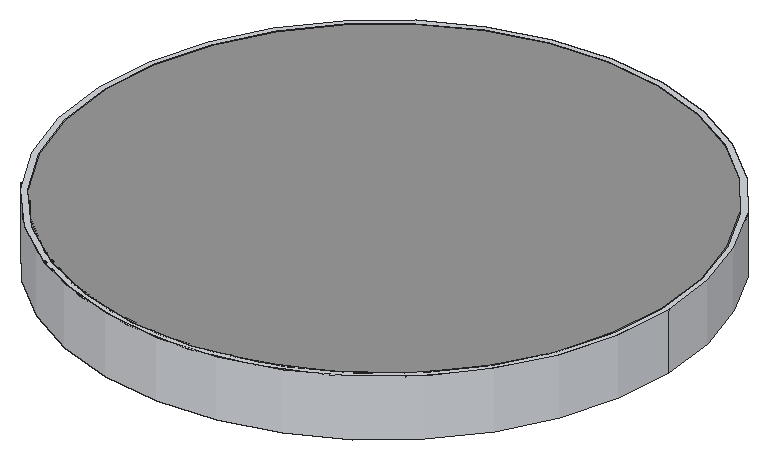
Revit family "2071188", category Lighting Fixtures, host Face, Revit 2018
Family settings
  Host = Face
  Round Connector Dimension = Use Diameter
  Part Type = Normal
  OmniClass Number = 23.80.70.00
  OmniClass Title = Lighting
  Cut with Voids When Loaded = No
  Light Source = Yes
  Shared = No
  Room Calculation Point = No
Parameters (values of type "2071188 COLOSSAL 600 940 OP DIR WHT DALI EM")
  iner diameter = 588 mm
  Weight = "n/a"
  Wattage Comments = ""
  Wattage = 30 W
  WarrantyStartDate [instance] = "n/a"
  WarrantyGuarantorParts = "n/a"
  WarrantyDurationUnit = "n/a"
  WarrantyDurationParts = ""
  WarrantyDescription = "http://www.sylvania-lighting.com"
  built-in parameter 1150110 = 1 (stored number, unit not read)
  Voltage = 230 V
  URL = "0.99"
  TypeName = "COLOSSAL 600mm 940 OPAL DIR WHITE DALI EM"
  Type Image = <None>
  Type Comments = "n/a"
  built-in parameter 1114217 = 1 (stored number, unit not read)
  Tilt Angle = -90.00°
  built-in parameter 1150109 = 1 (stored number, unit not read)
  built-in parameter 1150134 = (empty or 0)
  built-in parameter 1150113 = 1 (stored number, unit not read)
  SerialNumber [instance] = "n/a"
  Photometric Web File = "2071188.ies"
  Material_3_SYL = LED-Sylvania
  PowerFactor = 0
  PowerConsumption = "Lighting"
  NominalLength = 600 mm
  NominalHeight = 93 mm
  NominalDepth = 600 mm
  Name = "COLOSSAL 600mm 940 OPAL DIR WHITE DALI EM"
  ModelReference = Name  # "COLOSSAL 600mm 940 OPAL DIR WHITE DALI EM"
  ModelNumber = "2071188"
  Model = Name  # "COLOSSAL 600mm 940 OPAL DIR WHITE DALI EM"
  Material = "Feilo Sylvania"
  ManufacturerName = "111 lm/W"
  Manufacturer = ""
  LuminousEfficacy = ""
  built-in parameter 1150105 = 270.44 (stored number, unit not read)
  Lumens = 3398.4 lm
  LuminaireType = "0"
  built-in parameter 1150115 = 1 (stored number, unit not read)
  LightOutputRatio = "LED"
  built-in parameter 1150137 = (empty or 0)
  built-in parameter 1150139 = (empty or 0)
  LampsType = Lamp  # "n/a"
  LampNominalLuminous = "4000 K"
  LampMacAdamStep = "90"
  LampColourTemperature = "LED"
  LampColourRenderingIndex = "16500"
  built-in parameter 1150112 = 1 (stored number, unit not read)
  built-in parameter 1150114 = 1 (stored number, unit not read)
  Lamp = "n/a"
  Keynote = "n/a"
  InstallationDate [instance] = "n/a"
  InputVoltage = "0"
  InputNominalFrequency = "4000"
  built-in parameter 1150132 = (empty or 0)
  built-in parameter 1150102 = (empty or 0)
  built-in parameter 1150107 = 3000 (stored number, unit not read)
  built-in parameter 1150138 = (empty or 0)
  IngressProtection = "IfcLightFixtureType"
  ImpactProtectionIndex = "IfcLightFixtureType"
  built-in parameter 1150106 = 2.7044 (stored number, unit not read)
  IfcExportType = "IfcLightFixtureType"
  IfcExportAs = "Class I"
  Emit from Circle Diameter = 385 mm
  Emit Shape Visible in Rendering = no
  ElectricShockClassification = "111"
  built-in parameter 1150104 = 10.524 (stored number, unit not read)
  DocumentationLiterature = "http://www.sylvania-lighting.com/product/en-int/products/2071188"
  DimmingControlOptions = "n/a"
  Material_2_SYL = Polycarbonate_Sylvania_White
  Dimming Lamp Color Temperature Shift = <None>
  Description = "600mm diameter circular architectural luminaire, can be surface mounted or suspended. Powder coated aluminium housing (RAL9016) with polycarbonate opal diffuser. Direct light distribution, 4535lm luminuous flux, 41W system power, 111lm/W luminiaire efficacy. DALI dimmable. 3 hours integrated emergency. Colour rendering index Ra >90, 4000K Neutral White LED, chromaticity tolerance of 3-step MacAdam ellipse. IP40, IK03. 450mA drive current. Electrical protection Class1, 220-240V. Reported lifetime 66k hours L90B10."
  Default Elevation = 1219.2 mm
  CreatedOn = "23/03/2022"
  CreatedBy = "@sylvania-lighting.com"
  Cost = 0
  Color Filter = 16777215
  built-in parameter 1114216 [instance] = (empty or 0)
  ClassificationValue = "EF_70_80"
  ClassificationName = "Uniclass2015"
  Material_1_SYL = Polycarbonate_Sylvania_Opal
  BarCode [instance] = "n/a"
  built-in parameter 1114218 = 1 (stored number, unit not read)
  built-in parameter 1150133 = 10 (stored number, unit not read)
  AssetType = "Fixed"
  AssetIdentifier [instance] = "n/a"
  Assembly Code = "D5020200"
  Apparent Load = 41 VA
  Material_4_SYL = none
Reference planes
  plane 1 "Center (Front/Back)": y = 0
  plane 2: z = 0
  plane 3 "Center (Left/Right)": x = 0
  plane 4: x = -300
  plane 5: x = 300
  plane 6: y = 300
  plane 7: y = -300
  plane 8: y = 212
  plane 9: y = -212
  plane 10: z = 93
  plane 11: y = 294
  plane 12: y = -294
  plane 13: through (0, 0, 1219.2) normal (0.5, -0.866, 0)
  plane 14: through (-134.29, 20.617, 1219.2) normal (0.5, -0.866, 0)
  plane 15: through (-144.685, -181.683, 1219.2) normal (-0.5, 0.866, 0)
  plane 16: through (0, 0, 1219.2) normal (0.5, 0.866, 0)
  plane 17: through (178.555, -4.939, 1219.2) normal (0.5, 0.866, 0)
  plane 18: through (87.581, -148.715, 1219.2) normal (0.5, 0.866, 0)
  plane 19: y = 272
  plane 20: through (105.168, 227.067, 1219.2) normal (0.866, 0.5, 0)
  plane 21: through (-104.171, 225.672, 1219.2) normal (0.8572, -0.515, 0)
  plane 22: y = -204.612
  plane 23: through (-296.643, -30.2, 1219.2) normal (0.866, 0.5, 0)
  plane 24: through (153.092, -278.837, 1219.2) normal (-0.866, 0.5, 0)
Forms (mm)
  Extrusion 1, solid, detail levels medium+fine
    sketch origin (0, 0, 0) x (1, 0, 0) y (0, 1, 0)
      loop
        circle (0, 0) r 300
    from 33.023 to 93
  Extrusion 2, void
    sketch origin (0, 0, 0) x (1, 0, 0) y (0, 1, 0)
      loop
        circle (0, 0) r 294
    from 93 to 37.292
  Extrusion 3, solid, material "Glass, White, High Luminance", detail levels fine
    sketch origin (0, 0, 0) x (1, 0, 0) y (0, 1, 0)
      loop
        circle (0, 0) r 294
    from 88.026 to 93
  Extrusion 4, solid, detail levels coarse
    sketch origin (0, 0, 0) x (1, 0, 0) y (0, 1, 0)
      loop
        line (-300, 300) -> (-300, -300) -> (300, -300) -> (300, 300) -> (-300, 300)
    from 0 to 93
  Blend 5, solid, detail levels medium+fine
    base sketch origin (0, 0, 0) x (1, 0, 0) y (0, 1, 0)
      loop
        line (-76.334, 272) -> (-277.665, -63.07) -> (-195.946, -204.612) -> (195.946, -204.612) -> (275.172, -67.388) -> (79.226, 272) -> (-76.334, 272)
    top sketch origin (0, 0, 0) x (1, 0, 0) y (0, 1, 0)
      loop
        line (-226.097, -32.388) -> (-141.097, -179.612) -> (141.097, -179.612) -> (226.097, -32.388) -> (85, 212) -> (-85, 212) -> (-226.097, -32.388)
    from 33.023 to 0
Cuts and joins
  Extrusion 2 cuts Extrusion 1
Lines and regions (mm)
  model lines
    curve 1: line (-85, 212, 0) -> (0, 212, 0)
    curve 2: line (0, 212, 0) -> (85, 212, 0)
Dimensions and locks
  "NominalDepth": plane 6 to plane 7
  "NominalLength": plane 4 to plane 5
  equal spacing: plane 4, plane 3 "Center (Left/Right)", plane 5
  "iner diameter": plane 11 to plane 12
  equal spacing: plane 11, plane 1 "Center (Front/Back)", plane 12
  equal spacing: plane 6, plane 1 "Center (Front/Back)", plane 7
  "NominalHeight": plane 10 to level
  radius of Extrusion 2 sketch curve = 294 mm
  aligned and locked: plane 2 to host face
  aligned and locked: level to host face
Automatic sketch dimensions
  host sketch curve to host sketch curve = 2438.4 mm  (x2)
  plane 1 "Center (Front/Back)" to Extrusion 1 sketch curve = 0 mm
  Extrusion 1 sketch curve to plane 3 "Center (Left/Right)" = 0 mm
  plane 1 "Center (Front/Back)" to Extrusion 2 sketch curve = 0 mm
  Extrusion 2 sketch curve to plane 3 "Center (Left/Right)" = 0 mm
  plane 1 "Center (Front/Back)" to Extrusion 3 sketch curve = 0 mm
  Extrusion 3 sketch curve to plane 3 "Center (Left/Right)" = 0 mm
  Extrusion 4 sketch curve to plane 4 = 0 mm
  Extrusion 4 sketch curve to plane 5 = 0 mm
  Extrusion 4 sketch curve to plane 7 = 0 mm
  Extrusion 4 sketch curve to plane 6 = 0 mm
  Blend 5 sketch curve to plane 8 = 0 mm
  Blend 5 sketch curve to plane 3 "Center (Left/Right)" = 85 mm
  plane 3 "Center (Left/Right)" to Blend 5 sketch curve = 85 mm
  plane 9 to Blend 5 sketch curve = 32.388 mm
  plane 3 "Center (Left/Right)" to Blend 5 sketch curve = 141.097 mm
  plane 1 "Center (Front/Back)" to Blend 5 sketch curve = 32.388 mm  (x2)
  Blend 5 sketch curve to plane 5 = 73.903 mm
  Blend 5 sketch curve to plane 3 "Center (Left/Right)" = 141.097 mm
  plane 4 to Blend 5 sketch curve = 73.903 mm
  curve 1 to plane 8 = 0 mm
  curve 2 to plane 3 "Center (Left/Right)" = 0 mm
  curve 1 to plane 3 "Center (Left/Right)" = 85 mm
  curve 1 to curve 2 = 85 mm
  Blend 5 sketch curve to plane 21 = 0 mm
  Blend 5 sketch curve to plane 23 = 0 mm  (x2)
  Blend 5 sketch curve to plane 22 = 0 mm
  Blend 5 sketch curve to plane 19 = 0 mm
  plane 21 to Blend 5 sketch curve = 0 mm
  Blend 5 sketch curve to plane 20 = 0 mm  (x2)
  Blend 5 sketch curve to plane 24 = 0 mm  (x2)
  radius of Extrusion 1 sketch curve = 300 mm
  radius of Extrusion 3 sketch curve = 294 mm
Connectors
  electrical at (0, 0, 0), driven by "Apparent Load", driven by "PowerFactor", driven by "Voltage"
    settings: index 1, voltage 230 V, apparent load 41 VA, apparent load phase1 0 VA, apparent load phase2 0 VA, apparent load phase3 0 VA, power factor 0, load classification "Lighting", number of poles 1, system type 30, power factor state 1, is connector primary yes, connector utility no, sub classification motor no, connector description ""
